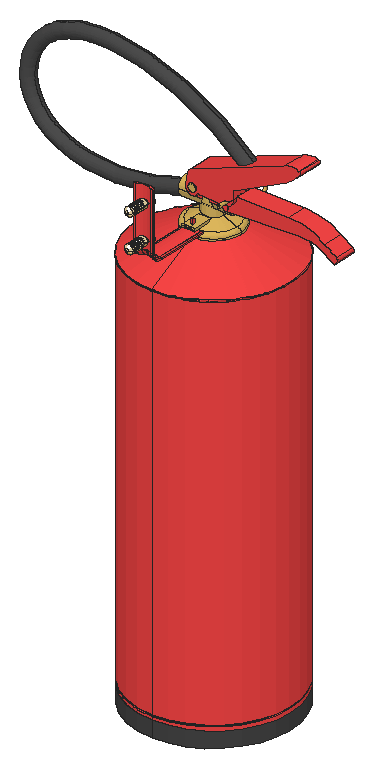
Revit family "Extintor Portátil - CO2", category Proteção contra incêndio, Revit 2026
Family settings
  Cota do conector redondo = Utilizar diâmetro
  Tipo de parte = Normal
  Com base no plano de trabalho = Não
  Ativar corte nas vistas = Sim
  Sempre na vertical = Sim
  Corte com vazios quando carregada = Não
  Manter orientação da anotação = Não
  Compartilhado = Sim
  Ponto de cálculo do ambiente = Não
Parameters (values of type "5BC - 6 kg")
  Tipo de imagem = Extintor - CO2.png
  Tipo = "CO²"
  SÍMBOLO = yes
  Sinalização de Solo [instance] = no
  Pernambuco = no
  Mato Grosso = no
  IMAGEM SIMBOLO PERNAMBUCO = 0
  IMAGEM SIMBOLO MATO GROSSO = 0
  IMAGEM SIMBOLO DISTRITO FEDERAL = 0
  IMAGEM SIMBOLO DEMAIS ESTADOS = 0
  Formato = "Portátil"
  Distrito Federal = no
  Desloc. Frente [instance] = 20.00 cm
  Desloc. Esquerda [instance] = 0.00 cm
  Descrição = "Extintor Portátil Fixo - 5-B:C - 6 kg"
  Elevação padrão = 0.00 cm
  DESCRIÇÃO DO MATERIAL = Descrição  # "Extintor Portátil Fixo - 5-B:C - 6 kg"
  Type Comments = ""
  Demais estados = yes
  Carga = "6 kg"
  Capacidade Extintora = "5-B:C"
  Altura Instalada = 160.00 cm
Types (2, lengths in cm): name | Descrição | DESCRIÇÃO DO MATERIAL | Carga
  5BC - 4 kg | "Extintor Portátil - 5-B:C - 4 kg" | "Extintor Portátil - 5-B:C - 4 kg" | "4 kg"
  5BC - 6 kg | "Extintor Portátil Fixo - 5-B:C - 6 kg" | "Extintor Portátil Fixo - 5-B:C - 6 kg" | "6 kg"
Reference planes (cm)
  plane 1 "Centro (Frente/Trás)": y = 0
  plane 2: z = 0
  plane 3 "Centro (Esquerda/Direita)": x = 0
  plane 4: z = 160
  plane 5: z = 114.8285
Forms (cm)
  Revolve 1, solid, material "LATÃO", not visible
    sketch origin (512.5, 9.4644, -108.8868) x (1, 0, 0) y (0, 0, -1)
      loop
        line (-515.352, -267.1402) -> (-515.352, -267.3086)
        arc (-515.352, -267.3086) -> (-515.2378, -267.604) -> (-514.9545, -267.7457) r 0.4391
        line (-514.9545, -267.7457) -> (-513.5976, -268.3784) -> (-513.5976, -270.9598) -> (-512.5, -270.9598) -> (-512.5, -267.1402) -> (-515.352, -267.1402)
      axis (-512.5, -270.9598) -> (-512.5, -267.1402)
    angle from 0 to 360
  Extrusion 2, solid, material "LATÃO", not visible
    sketch origin (0, -8.5356, -108.8868) x (0, 1, 0) y (0, 0, -1)
      loop
        circle (18, -269.8519) r 1
    from -2.2901 to 2.852
  Extrusion 3, solid, material "Pintura Vermelha", not visible
    sketch origin (512.5, 11.7385, -108.8868) x (1, 0, 0) y (0, 0, -1)
      loop
        line (-514.431, -270.7615) -> (-514.2399, -271.8201)
        arc (-514.2399, -271.8201) -> (-514.07, -272.1841) -> (-513.7426, -272.4168) r 0.7871
        line (-513.7426, -272.4168) -> (-504.0905, -276.0508)
        arc (-504.0905, -276.0508) -> (-503.3249, -276.2128) -> (-502.5558, -276.0688) r 2
        line (-502.5558, -276.0688) -> (-502.4623, -276.0312)
        arc (-502.4623, -276.0312) -> (-502.359, -275.9073) -> (-502.4054, -275.7529) r 0.1702
        line (-502.4054, -275.7529) -> (-502.8188, -275.3394)
        arc (-502.8188, -275.3394) -> (-503.3151, -274.918) -> (-503.8731, -274.5828) r 4
        line (-503.8731, -274.5828) -> (-509.346, -271.8744) -> (-509.346, -271.0161)
        arc (-509.346, -271.0161) -> (-509.5312, -270.5072) -> (-510.0002, -270.2364) r 0.7917
        line (-510.0002, -270.2364) -> (-510.5886, -270.1327) -> (-513.1244, -270.31)
        arc (-513.1244, -270.31) -> (-513.9703, -269.9786) -> (-514.431, -270.7615) r 0.7
      loop
        circle (-513.7416, -270.6402) r 0.3999
      loop
        circle (-510.1681, -270.511) r 0.174
    from -3.5171 to -1.0457
  Extrusion 4, solid, material "Pintura Vermelha", not visible
    sketch origin (512.5, 11.7385, -108.8868) x (1, 0, 0) y (0, 0, -1)
      loop
        line (-514.4685, -270.738) -> (-514.2111, -271.6263)
        arc (-514.2111, -271.6263) -> (-514.1084, -271.7833) -> (-513.931, -271.8441) r 0.289
        line (-513.931, -271.8441) -> (-509.9322, -271.8441)
        arc (-509.9322, -271.8441) -> (-509.5653, -271.7141) -> (-509.3622, -271.382) r 0.5825
        line (-509.3622, -271.382) -> (-509.3259, -271.2101) -> (-503.785, -271.2101)
        arc (-503.785, -271.2101) -> (-501.8304, -270.9093) -> (-500.0567, -270.0346) r 6.5
        line (-500.0567, -270.0346) -> (-498.8325, -269.1774)
        arc (-498.8325, -269.1774) -> (-498.7163, -268.9761) -> (-498.7958, -268.7576) r 0.275
        line (-498.7958, -268.7576) -> (-499.0612, -268.4922) -> (-500.8253, -269.5254)
        arc (-500.8253, -269.5254) -> (-501.7717, -269.8338) -> (-502.7644, -269.9058) r 4.1122
        line (-502.7644, -269.9058) -> (-510.4608, -269.5288) -> (-510.7626, -269.8306) -> (-513.8876, -269.8306)
        arc (-513.8876, -269.8306) -> (-514.3665, -270.1636) -> (-514.4685, -270.738) r 0.7603
      loop
        circle (-513.7416, -270.6402) r 0.3999
      loop
        circle (-510.1792, -270.5042) r 0.2205
    from -3.3101 to -1.2023
  Extrusion 5, solid, material "LATÃO", not visible, detail levels medium+fine
    sketch origin (512.5, 13.2385, -108.2618) x (1, 0, 0) y (0, 0, -1)
      loop
        circle (-512.5, -269.2509) r 1.5
    from -1.2576 to -0.9824
  Sweep 6, solid, material "MANGUEIRA EXTINTOR", not visible
    path origin (512.5, 9.4099, -108.8868) x (1, 0, 0) y (0, 0, -1)
      loop
        spline (-514.8263, -269.8635) -> (-519.9522, -268.4972) -> (-524.5272, -268.3983) -> (-528.2055, -269.3959) -> (-530.6532, -271.3101) -> (-531.7331, -273.8106) -> (-531.4716, -276.4419) -> (-529.9001, -278.7449) -> (-527.05, -280.2603) -> (-523.041, -280.6093) -> (-518.283, -279.6772) -> (-513.2454, -277.403) -> (-508.3975, -273.7263)
    profile origin (-18.9716, 9.4099, 167.5551) x (0.940178, 0, -0.340682) y (0, 1, 0)
      loop
        circle (0, 0) r 0.7064
  Extrusion 7, solid, material "LATÃO", not visible
    sketch origin (512.5, 11.7385, -1.7466) x (1, 0, 0) y (0, 0, -1)
      loop
        circle (-513.7416, -163.5) r 0.3999
    from -3.5547 to -1.0118
  Sweep 8, solid, material "LATÃO", not visible
    path origin (-10.6073, 13.9644, 176.5919) x (-0.653611, 0, 0.756831) y (0, 1, 0)
      loop
        line (-19.7675, -6.7287) -> (-19.7675, -3.2287)
        arc (-19.7675, -3.2287) -> (-19.8376, -3.0235) -> (-20.0186, -2.9042) r 0.3352
        arc (-20.0186, -2.9042) -> (-19.7105, -0.9379) -> (-19.6283, -2.9265) r 1
    profile origin (2.3129, 8.9857, 161.6312) x (0.653611, 0, -0.756831) y (-0.756831, 0, -0.653611)
      loop
        circle (0, 0) r 0.1386
  Extrusion 9, solid, material "LATÃO", not visible
    sketch origin (0, 3.4644, -0.5084) x (0, 1, 0) y (0, 0, 1)
      loop
        line (4.8999, 160) -> (2.7614, 160)
        arc (2.7614, 160) -> (2.6976, 159.9769) -> (2.6634, 159.9183) r 0.0996
        line (2.6634, 159.9183) -> (2.6634, 159.8172)
        arc (2.6634, 159.8172) -> (2.6946, 159.7514) -> (2.7624, 159.7247) r 0.0992
        line (2.7624, 159.7247) -> (4.3095, 159.7247) -> (4.8999, 160)
    from -0.6244 to 0.6912
  Extrusion 10, void, not visible
    sketch origin (0, 0.2973, -1.1737) x (1, 0, 0) y (0, 1, 0)
      loop
        circle (-0.0064, 6.4293) r 0.2336
    from 160.2 to 160.7791
  Revolve 11, solid, material "Pintura Vermelha"
    sketch origin (0, 0, 0) x (0, 1, 0) y (0, 0, 1)
      loop
        line (9.1671, 159.4271) -> (9.1671, 116.4981) -> (17.1671, 116.4981) -> (17.1671, 116.8285) -> (16.9679, 116.8285) -> (16.9679, 117.0285) -> (17.1671, 117.0285) -> (17.1671, 156.6535)
        arc (17.1671, 156.6535) -> (17.2243, 156.6689) -> (17.2659, 156.711) r 0.1136
        arc (17.2659, 156.711) -> (17.2691, 156.7524) -> (17.2392, 156.7812) r 0.0487
        line (17.2392, 156.7812) -> (12.0191, 159.4271) -> (9.1671, 159.4271)
      axis (9.1671, 159.4271) -> (9.1671, 116.4981)
    angle from 0 to 360
  Revolve 12, solid, material "Cor Preta"
    sketch origin (0, 0, 0) x (0, 1, 0) y (0, 0, 1)
      loop
        line (9.1671, 116.4981) -> (9.1671, 114.8285) -> (17.1671, 114.8285) -> (17.1671, 116.4981) -> (9.1671, 116.4981)
      axis (9.1671, 116.4981) -> (9.1671, 114.8285)
    angle from 0 to 360
  Revolve 13, solid, material "LATÃO"
    sketch origin (512.5, 9.1671, -107.7131) x (1, 0, 0) y (0, 0, -1)
      loop
        line (-515.352, -267.1402) -> (-515.352, -267.3086)
        arc (-515.352, -267.3086) -> (-515.2378, -267.604) -> (-514.9545, -267.7457) r 0.4391
        line (-514.9545, -267.7457) -> (-513.5976, -268.3784) -> (-513.5976, -270.9598) -> (-512.5, -270.9598) -> (-512.5, -267.1402) -> (-515.352, -267.1402)
      axis (-512.5, -270.9598) -> (-512.5, -267.1402)
    angle from 0 to 360
  Extrusion 14, solid, material "LATÃO"
    sketch origin (0, -8.8329, -107.7131) x (0, 1, 0) y (0, 0, -1)
      loop
        circle (18, -269.8519) r 1
    from -2.2901 to 2.852
  Extrusion 15, solid, material "Pintura Vermelha"
    sketch origin (512.5, 11.4412, -107.7131) x (1, 0, 0) y (0, 0, -1)
      loop
        line (-514.431, -270.7615) -> (-514.2399, -271.8201)
        arc (-514.2399, -271.8201) -> (-514.07, -272.1841) -> (-513.7426, -272.4168) r 0.7871
        line (-513.7426, -272.4168) -> (-504.0905, -276.0508)
        arc (-504.0905, -276.0508) -> (-503.3249, -276.2128) -> (-502.5558, -276.0688) r 2
        line (-502.5558, -276.0688) -> (-502.4623, -276.0312)
        arc (-502.4623, -276.0312) -> (-502.359, -275.9073) -> (-502.4054, -275.7529) r 0.1702
        line (-502.4054, -275.7529) -> (-502.8188, -275.3394)
        arc (-502.8188, -275.3394) -> (-503.3151, -274.918) -> (-503.8731, -274.5828) r 4
        line (-503.8731, -274.5828) -> (-509.346, -271.8744) -> (-509.346, -271.0161)
        arc (-509.346, -271.0161) -> (-509.5312, -270.5072) -> (-510.0002, -270.2364) r 0.7917
        line (-510.0002, -270.2364) -> (-510.5886, -270.1327) -> (-513.1244, -270.31)
        arc (-513.1244, -270.31) -> (-513.9703, -269.9786) -> (-514.431, -270.7615) r 0.7
      loop
        circle (-513.7416, -270.6402) r 0.3999
      loop
        circle (-510.1681, -270.511) r 0.174
    from -3.5171 to -1.0457
  Extrusion 16, solid, material "Pintura Vermelha"
    sketch origin (512.5, 11.4412, -107.7131) x (1, 0, 0) y (0, 0, -1)
      loop
        line (-514.4685, -270.738) -> (-514.2111, -271.6263)
        arc (-514.2111, -271.6263) -> (-514.1084, -271.7833) -> (-513.931, -271.8441) r 0.289
        line (-513.931, -271.8441) -> (-509.9322, -271.8441)
        arc (-509.9322, -271.8441) -> (-509.5653, -271.7141) -> (-509.3622, -271.382) r 0.5825
        line (-509.3622, -271.382) -> (-509.3259, -271.2101) -> (-503.785, -271.2101)
        arc (-503.785, -271.2101) -> (-501.8304, -270.9093) -> (-500.0567, -270.0346) r 6.5
        line (-500.0567, -270.0346) -> (-498.8325, -269.1774)
        arc (-498.8325, -269.1774) -> (-498.7163, -268.9761) -> (-498.7958, -268.7576) r 0.275
        line (-498.7958, -268.7576) -> (-499.0612, -268.4922) -> (-500.8253, -269.5254)
        arc (-500.8253, -269.5254) -> (-501.7717, -269.8338) -> (-502.7644, -269.9058) r 4.1122
        line (-502.7644, -269.9058) -> (-510.4608, -269.5288) -> (-510.7626, -269.8306) -> (-513.8876, -269.8306)
        arc (-513.8876, -269.8306) -> (-514.3665, -270.1636) -> (-514.4685, -270.738) r 0.7603
      loop
        circle (-513.7416, -270.6402) r 0.3999
      loop
        circle (-510.1792, -270.5042) r 0.2205
    from -3.3101 to -1.2023
  Extrusion 17, solid, material "LATÃO"
    sketch origin (512.5, 12.9412, -107.0881) x (1, 0, 0) y (0, 0, -1)
      loop
        circle (-512.5, -269.2509) r 1.5
    from -1.2576 to -0.9824
  Sweep 18, solid, material "MANGUEIRA EXTINTOR"
    path origin (512.5, 9.1126, -107.7131) x (1, 0, 0) y (0, 0, -1)
      loop
        spline (-514.8263, -269.8635) -> (-519.9522, -268.4972) -> (-524.5272, -268.3983) -> (-528.2055, -269.3959) -> (-530.6532, -271.3101) -> (-531.7331, -273.8106) -> (-531.4716, -276.4419) -> (-529.9001, -278.7449) -> (-527.05, -280.2603) -> (-523.041, -280.6093) -> (-518.283, -279.6772) -> (-513.2454, -277.403) -> (-508.3975, -273.7263)
    profile origin (-18.9716, 9.1126, 168.7288) x (0.940178, 0, -0.340682) y (0, 1, 0)
      loop
        circle (0, 0) r 0.7064
  Extrusion 19, solid, material "LATÃO"
    sketch origin (512.5, 11.4412, -0.5729) x (1, 0, 0) y (0, 0, -1)
      loop
        circle (-513.7416, -163.5) r 0.3999
    from -3.5547 to -1.0118
  Sweep 20, solid, material "LATÃO"
    path origin (-10.6073, 13.6671, 177.7656) x (-0.653611, 0, 0.756831) y (0, 1, 0)
      loop
        line (-19.7675, -6.7287) -> (-19.7675, -3.2287)
        arc (-19.7675, -3.2287) -> (-19.8376, -3.0235) -> (-20.0186, -2.9042) r 0.3352
        arc (-20.0186, -2.9042) -> (-19.7105, -0.9379) -> (-19.6283, -2.9265) r 1
    profile origin (2.3129, 8.6884, 162.8049) x (0.653611, 0, -0.756831) y (-0.756831, 0, -0.653611)
      loop
        circle (0, 0) r 0.1386
  Extrusion 21, solid, material "LATÃO"
    sketch origin (0, 3.1671, 0.6653) x (0, 1, 0) y (0, 0, 1)
      loop
        line (4.8999, 160) -> (2.7614, 160)
        arc (2.7614, 160) -> (2.6976, 159.9769) -> (2.6634, 159.9183) r 0.0996
        line (2.6634, 159.9183) -> (2.6634, 159.8172)
        arc (2.6634, 159.8172) -> (2.6946, 159.7514) -> (2.7624, 159.7247) r 0.0992
        line (2.7624, 159.7247) -> (4.3095, 159.7247) -> (4.8999, 160)
    from -0.6244 to 0.6912
  Extrusion 22, solid, material "Sinalização de Solo - Vermelho", visible <- "Sinalização de Solo", detail levels fine
    sketch origin (0, 0, 0) x (1, 0, 0) y (0, 1, 0)
      loop
        line (-35, 15) -> (35, 15) -> (35, 85) -> (-35, 85) -> (-35, 15)
    from 0 to 0.1
  Extrusion 23, solid, material "Sinalização de Solo - Amarela", visible <- "Sinalização de Solo", detail levels fine
    sketch origin (0, 0, 0) x (1, 0, 0) y (0, 1, 0)
      loop
        line (-50, 0) -> (50, 0) -> (50, 100) -> (-50, 100) -> (-50, 0)
      loop
        line (-35, 15) -> (35, 15) -> (35, 85) -> (-35, 85) -> (-35, 15)
    from 0 to 0.1
Dimensions and locks (cm)
  "Altura Instalada": plane 4 to level
  locked: plane 5 to plane 4 at 45.1715
  "Desloc. Frente": plane 1 "Centro (Frente/Trás)" to nested 4
  "Desloc. Frente": plane 1 "Centro (Frente/Trás)" to nested 5
  "Desloc. Frente": plane 1 "Centro (Frente/Trás)" to nested 6
  "Desloc. Esquerda": nested 4 to plane 3 "Centro (Esquerda/Direita)"
  "Desloc. Esquerda": nested 5 to plane 3 "Centro (Esquerda/Direita)"
  "Desloc. Esquerda": nested 6 to plane 3 "Centro (Esquerda/Direita)"
  "Desloc. Frente": plane 1 "Centro (Frente/Trás)" to nested 7
  "Desloc. Esquerda": nested 7 to plane 3 "Centro (Esquerda/Direita)"
  aligned and locked: level to plane 2
Automatic sketch dimensions
  Revolve 11 sketch curve to plane 4 = 0.5729 cm
  Revolve 11 sketch curve to plane 1 "Centro (Frente/Trás)" = 9.1671 cm
  Revolve 11 sketch curve to Revolve 11 sketch curve = 2.852 cm
  plane 5 to Revolve 11 sketch curve = 2.20 cm
  Revolve 11 sketch curve to Revolve 11 sketch curve = 7.8008 cm
  Revolve 11 sketch curve to Revolve 11 sketch curve = 0.1992 cm  (x2)
  Revolve 11 sketch curve to Revolve 11 sketch curve = 0.0564 cm
  Revolve 11 sketch curve to plane 4 = 3.2188 cm
  Revolve 11 sketch curve to Revolve 11 sketch curve = 0.0157 cm
  Revolve 11 sketch curve to Revolve 11 sketch curve = 0.20 cm
  plane 5 to Revolve 11 sketch curve = 1.6697 cm
  Revolve 11 sketch curve to Revolve 11 sketch curve = 0.1277 cm
  Revolve 11 sketch curve to Revolve 11 sketch curve = 0.0461 cm
  Revolve 11 sketch curve to Revolve 11 sketch curve = 0.032 cm
  Revolve 11 sketch curve to Revolve 11 sketch curve = 0.00 cm  (x2)
  Revolve 11 sketch curve to Revolve 11 sketch curve = 0.3303 cm
  Revolve 12 sketch curve to plane 5 = 0.00 cm  (x2)
  plane 5 to Revolve 12 sketch curve = 1.6697 cm
  Revolve 12 sketch curve to plane 1 "Centro (Frente/Trás)" = 9.1671 cm
  Revolve 12 sketch curve to Revolve 12 sketch curve = 8.00 cm
  Revolve 12 sketch curve to Revolve 12 sketch curve = 0.00 cm
  Revolve 12 sketch curve to Revolve 12 sketch curve = 0.3303 cm
  Revolve 13 sketch curve to plane 3 "Centro (Esquerda/Direita)" = 0.00 cm  (x2)
  Revolve 13 sketch curve to Revolve 13 sketch curve = 1.0976 cm
  Revolve 13 sketch curve to plane 4 = 0.4045 cm
  Revolve 13 sketch curve to Revolve 13 sketch curve = 1.3153 cm
  plane 4 to Revolve 13 sketch curve = 0.0326 cm
  Revolve 13 sketch curve to Revolve 13 sketch curve = 0.0416 cm
  plane 4 to Revolve 13 sketch curve = 0.6653 cm
  Revolve 13 sketch curve to Revolve 13 sketch curve = 2.5813 cm
  Revolve 13 sketch curve to plane 4 = 0.5729 cm
  Revolve 13 sketch curve to Revolve 13 sketch curve = 0.2882 cm
  Revolve 13 sketch curve to Revolve 13 sketch curve = 0.9686 cm
  plane 4 to Extrusion 14 sketch curve = 2.1388 cm
  Extrusion 14 sketch curve to plane 1 "Centro (Frente/Trás)" = 9.1671 cm
  Extrusion 15 sketch curve to Extrusion 15 sketch curve = 0.00 cm  (x2)
  Extrusion 15 sketch curve to plane 3 "Centro (Esquerda/Direita)" = 1.931 cm
  Extrusion 15 sketch curve to Extrusion 15 sketch curve = 0.1912 cm
  Extrusion 15 sketch curve to Extrusion 15 sketch curve = 0.4972 cm
  Extrusion 15 sketch curve to Extrusion 15 sketch curve = 0.6894 cm
  Extrusion 15 sketch curve to Extrusion 15 sketch curve = 0.7746 cm
  Extrusion 15 sketch curve to plane 3 "Centro (Esquerda/Direita)" = 0.6244 cm
  plane 3 "Centro (Esquerda/Direita)" to Extrusion 15 sketch curve = 1.9114 cm
  Extrusion 15 sketch curve to Extrusion 15 sketch curve = 0.4204 cm
  Extrusion 15 sketch curve to Extrusion 15 sketch curve = 0.0305 cm
  Extrusion 15 sketch curve to Extrusion 15 sketch curve = 0.1679 cm
  Extrusion 15 sketch curve to Extrusion 15 sketch curve = 0.7917 cm
  plane 3 "Centro (Esquerda/Direita)" to Extrusion 15 sketch curve = 6.8527 cm
  Extrusion 15 sketch curve to Extrusion 15 sketch curve = 1.5568 cm
  Extrusion 15 sketch curve to Extrusion 15 sketch curve = 0.2174 cm
  Extrusion 15 sketch curve to Extrusion 15 sketch curve = 0.5716 cm
  Extrusion 15 sketch curve to Extrusion 15 sketch curve = 0.4827 cm
  Extrusion 15 sketch curve to Extrusion 15 sketch curve = 0.2631 cm
  Extrusion 15 sketch curve to Extrusion 15 sketch curve = 0.0301 cm
  Extrusion 15 sketch curve to Extrusion 15 sketch curve = 0.0935 cm
  Extrusion 15 sketch curve to Extrusion 15 sketch curve = 0.1204 cm
  plane 4 to Extrusion 15 sketch curve = 10.4547 cm
  Extrusion 15 sketch curve to Extrusion 15 sketch curve = 2.0991 cm
  Extrusion 15 sketch curve to Extrusion 15 sketch curve = 0.018 cm
  Extrusion 15 sketch curve to Extrusion 15 sketch curve = 0.0376 cm
  Extrusion 15 sketch curve to Extrusion 15 sketch curve = 0.1579 cm
  Extrusion 15 sketch curve to Extrusion 15 sketch curve = 0.4135 cm
  plane 4 to Extrusion 15 sketch curve = 4.7037 cm
  plane 4 to Extrusion 15 sketch curve = 4.1613 cm
  Extrusion 15 sketch curve to Extrusion 15 sketch curve = 0.5967 cm
  Extrusion 15 sketch curve to Extrusion 15 sketch curve = 0.8584 cm
  Extrusion 15 sketch curve to Extrusion 15 sketch curve = 1.0586 cm
  Extrusion 15 sketch curve to Extrusion 15 sketch curve = 0.1213 cm
  Extrusion 15 sketch curve to Extrusion 15 sketch curve = 0.2746 cm
  Extrusion 15 sketch curve to Extrusion 15 sketch curve = 0.3783 cm
  Extrusion 16 sketch curve to plane 3 "Centro (Esquerda/Direita)" = 1.9685 cm
  Extrusion 16 sketch curve to Extrusion 16 sketch curve = 0.2574 cm
  Extrusion 16 sketch curve to Extrusion 16 sketch curve = 0.2801 cm
  Extrusion 16 sketch curve to Extrusion 16 sketch curve = 0.5809 cm
  Extrusion 16 sketch curve to Extrusion 16 sketch curve = 0.7269 cm
  Extrusion 16 sketch curve to Extrusion 16 sketch curve = 0.0154 cm
  plane 3 "Centro (Esquerda/Direita)" to Extrusion 16 sketch curve = 1.7374 cm
  Extrusion 16 sketch curve to Extrusion 16 sketch curve = 0.3018 cm  (x2)
  Extrusion 16 sketch curve to Extrusion 16 sketch curve = 0.5834 cm
  Extrusion 16 sketch curve to Extrusion 16 sketch curve = 0.2471 cm
  Extrusion 16 sketch curve to Extrusion 16 sketch curve = 0.57 cm
  Extrusion 16 sketch curve to Extrusion 16 sketch curve = 0.0363 cm
  Extrusion 16 sketch curve to plane 4 = 3.003 cm
  Extrusion 16 sketch curve to Extrusion 16 sketch curve = 6.6758 cm
  plane 4 to Extrusion 16 sketch curve = 2.1927 cm
  Extrusion 16 sketch curve to Extrusion 16 sketch curve = 1.0206 cm
  Extrusion 16 sketch curve to Extrusion 16 sketch curve = 1.2217 cm
  plane 4 to Extrusion 16 sketch curve = 1.8123 cm
  Extrusion 16 sketch curve to Extrusion 16 sketch curve = 1.9391 cm
  plane 4 to Extrusion 16 sketch curve = 2.3215 cm
  Extrusion 16 sketch curve to Extrusion 16 sketch curve = 0.7686 cm
  plane 4 to Extrusion 16 sketch curve = 0.7791 cm
  Extrusion 16 sketch curve to Extrusion 16 sketch curve = 0.9955 cm
  Extrusion 16 sketch curve to Extrusion 16 sketch curve = 0.0709 cm
  plane 4 to Extrusion 16 sketch curve = 1.4643 cm
  Extrusion 16 sketch curve to Extrusion 16 sketch curve = 0.1578 cm
  plane 4 to Extrusion 16 sketch curve = 1.0445 cm
  Extrusion 16 sketch curve to Extrusion 16 sketch curve = 0.1945 cm
  Extrusion 16 sketch curve to Extrusion 16 sketch curve = 0.0515 cm
  Extrusion 16 sketch curve to Extrusion 16 sketch curve = 0.1719 cm
  Extrusion 16 sketch curve to Extrusion 16 sketch curve = 0.289 cm
  Extrusion 16 sketch curve to Extrusion 16 sketch curve = 0.8883 cm
  Extrusion 16 sketch curve to Extrusion 16 sketch curve = 0.0978 cm
  Extrusion 16 sketch curve to Extrusion 16 sketch curve = 0.0666 cm
  Extrusion 16 sketch curve to Extrusion 16 sketch curve = 0.7574 cm
  Extrusion 17 sketch curve to plane 3 "Centro (Esquerda/Direita)" = 0.00 cm
  plane 4 to Extrusion 17 sketch curve = 2.1628 cm
  Sweep 18 sketch curve to plane 3 "Centro (Esquerda/Direita)" = 2.3263 cm
  plane 4 to Sweep 18 sketch curve = 6.0132 cm
  plane 3 "Centro (Esquerda/Direita)" to Sweep 18 sketch curve = 4.1025 cm
  plane 4 to Sweep 18 sketch curve = 2.1504 cm
  Sweep 18 sketch curve to profile plane = 0.00 cm  (x2)
  Extrusion 19 sketch curve to plane 3 "Centro (Esquerda/Direita)" = 1.2416 cm
  plane 4 to Extrusion 19 sketch curve = 2.9271 cm
  Sweep 20 sketch curve to plane 1 "Centro (Frente/Trás)" = 10.4384 cm
  Sweep 20 sketch curve to Sweep 20 sketch curve = 0.3352 cm  (x2)
  Sweep 20 sketch curve to Sweep 20 sketch curve = 1.2925 cm
  Sweep 20 sketch curve to Sweep 20 sketch curve = 0.00 cm
  Sweep 20 sketch curve to Sweep 20 sketch curve = 0.1392 cm
  Sweep 20 sketch curve to Sweep 20 sketch curve = 3.50 cm
  profile plane to Sweep 20 sketch curve = 0.00 cm  (x2)
  plane 4 to Extrusion 21 sketch curve = 0.5836 cm
  Extrusion 21 sketch curve to plane 1 "Centro (Frente/Trás)" = 5.8305 cm
  Extrusion 21 sketch curve to Extrusion 21 sketch curve = 0.098 cm
  Extrusion 21 sketch curve to Extrusion 21 sketch curve = 0.099 cm
  plane 4 to Extrusion 21 sketch curve = 0.39 cm
  Extrusion 21 sketch curve to Extrusion 21 sketch curve = 1.5471 cm
  plane 4 to Extrusion 21 sketch curve = 0.6653 cm
  Extrusion 21 sketch curve to Extrusion 21 sketch curve = 0.5904 cm
  Extrusion 21 sketch curve to Extrusion 21 sketch curve = 0.101 cm
  Extrusion 22 sketch curve to plane 3 "Centro (Esquerda/Direita)" = 35.00 cm
  plane 3 "Centro (Esquerda/Direita)" to Extrusion 22 sketch curve = 35.00 cm
  Extrusion 22 sketch curve to plane 1 "Centro (Frente/Trás)" = 15.00 cm
  Extrusion 22 sketch curve to Extrusion 22 sketch curve = 70.00 cm
  plane 1 "Centro (Frente/Trás)" to Extrusion 23 sketch curve = 0.00 cm
  Extrusion 23 sketch curve to plane 3 "Centro (Esquerda/Direita)" = 50.00 cm
  Extrusion 23 sketch curve to Extrusion 23 sketch curve = 15.00 cm  (x3)
  Extrusion 23 sketch curve to plane 1 "Centro (Frente/Trás)" = 15.00 cm
  plane 3 "Centro (Esquerda/Direita)" to Extrusion 23 sketch curve = 35.00 cm
  Extrusion 23 sketch curve to Extrusion 23 sketch curve = 70.00 cm
  radius of Extrusion 14 sketch curve = 1.00 cm
  radius of Extrusion 15 sketch curve = 0.3999 cm
  radius of Extrusion 15 sketch curve = 0.174 cm
  radius of Extrusion 16 sketch curve = 0.3999 cm
  radius of Extrusion 16 sketch curve = 0.2205 cm
  radius of Extrusion 17 sketch curve = 1.50 cm
  radius of Sweep 18 sketch curve = 0.7064 cm
  radius of Extrusion 19 sketch curve = 0.3999 cm
  radius of Sweep 20 sketch curve = 0.1386 cm
Nested families (cm)
  nested 1: "Suporte Universal de Extintor" at (0, 0, 160) x (0, -1, 0) z (0, 0, 1), type "Suporte Universal de Extintor"
  nested 2: "Parafuso Nº 08 com Bucha 08" at (-0.0069, 0.3919, 161.8745) x (1, 0.004, 0) z (-0.004, 1, 0), type "Parafuso Nº 08 - Bucha Nº 08"
  nested 3: "Parafuso Nº 08 com Bucha 08" at (-0.0002, 0.3922, 165.3708) x (1, 0.0002, 0) z (-0.0002, 1, 0), type "Parafuso Nº 08 - Bucha Nº 08"
  nested 4: "CARGA DE PÓ CO2" at (0, 20, 0) x (-1, 0, 0) z (0, 0, 1), visible <- "Demais estados", type "CARGA DE PÓ CO2 1-100", detail levels coarse+medium
    with Esc. Símbolo - 1/100~200 no, Desloc. Frente 0.00 cm, Desloc. Esquerda 0.00 cm
  nested 5: "EXTINTOR - CARGA DE PÓ CO2 1-100 - DF" at (0, 20, 0), visible <- "Distrito Federal", type "EXTINTOR - CARGA DE PÓ CO2 1-100 - DF", detail levels coarse+medium
    with Esc. Símbolo - 1/100~200 yes, Desloc. Frente 0.00 cm, Desloc. Esquerda 1.4171 cm
  nested 6: "EXTINTOR - CARGA DE PÓ CO2 1-100 - PE" at (0, 20, 0), visible <- "Pernambuco", type "EXTINTOR - CARGA DE PÓ CO2 1-100 - PE", detail levels coarse+medium
    with Esc. Símbolo - 1/100~200 yes, Desloc. Frente 0.00 cm, Desloc. Esquerda 1.4171 cm
  nested 7: "CARGA DE PÓ CO2" at (0, 20, 0) x (-1, 0, 0) z (0, 0, 1), visible <- "Mato Grosso", type "CARGA DE PÓ CO2 1-100", detail levels coarse+medium
    with Esc. Símbolo - 1/100~200 no, Desloc. Frente 0.00 cm, Desloc. Esquerda 0.00 cm
Definition of nested family "Suporte Universal de Extintor"
  Parameters (values of type "Suporte Universal de Extintor")
    Default Elevation = 121.92 cm
    Description = "Suporte Universal"
  Reference planes (cm)
    plane 1 "Centro (Frente/Trás)": y = 0
    plane 2: z = 0
    plane 3 "Centro (Esquerda/Direita)": x = 0
  Forms (cm)
    Sweep 1, solid, detail levels fine
      path origin (0, -0.0046, 0) x (-1, 0, 0) y (0, 0, -1)
        loop
          line (6.5, 0) -> (0.9978, 0)
          arc (0.9978, 0) -> (0.2923, -0.2923) -> (0, -0.9978) r 0.9978
          line (0, -0.9978) -> (0, -7)
      profile origin (-3.7489, -0.0046, 0) x (0, 0, 1) y (0, -1, 0)
        loop
          line (0, 0.9938) -> (0, 0.798)
          arc (0, 0.798) -> (0.2, -0.0031) -> (0, -0.8041) r 1.7043
          line (0, -0.8041) -> (0, -1) -> (0.0993, -1)
          arc (0.0993, -1) -> (0.1705, -0.9705) -> (0.2, -0.8993) r 0.1007
          line (0.2, -0.8993) -> (0.2, -0.7983)
          arc (0.2, -0.7983) -> (0.3905, -0.0047) -> (0.2, 0.789) r 1.7487
          line (0.2, 0.789) -> (0.2, 0.8899)
          arc (0.2, 0.8899) -> (0.1696, 0.9634) -> (0.0961, 0.9938) r 0.1039
          line (0.0961, 0.9938) -> (0, 0.9938)
    Extrusion 2, void
      sketch origin (0, -0.0015, 0.0031) x (0, 1, 0) y (0, 0, -1)
        loop
          circle (0, -5.3731) r 0.3
        loop
          circle (0, -1.8731) r 0.3
      from 0.0451 to 0.4141
    Extrusion 3, void
      sketch origin (0, -0.0015, 0.0031) x (-1, 0, 0) y (0, -1, 0)
        loop
          circle (1.8404, 0) r 0.3
        loop
          circle (4.8404, 0) r 0.3
      from 0.0525 to 0.4326
    Sweep 4, solid, detail levels fine
      path origin (0, -0.0015, 0.0031) x (-1, 0, 0) y (0, -1, 0)
        loop
          line (0, -0.2529) -> (0, 0.2471)
      profile origin (0, 0.0015, 0.0031) x (1, 0, 0) y (0, 0, 1)
        loop
          arc (-0.9978, 0.109) -> (-0.4067, 0.3993) -> (-0.1252, 0.9947) r 0.9978
          line (-0.1252, 0.9947) -> (-0.4658, 0.9947)
          arc (-0.4658, 0.9947) -> (-0.842, 0.8389) -> (-0.9978, 0.4627) r 0.532
          line (-0.9978, 0.4627) -> (-0.9978, 0.109)
    Sweep 5, solid, detail levels fine
      path in 3D
        loop
          arc (-6.5, -0.0989, 0.3877) -> (-6.5, -0.0003, 0.3905) -> (-6.5, 0.0984, 0.3877) r 1.7487
      profile origin (-6.5, -0.0003, 0.3905) x (-1, 0, 0) y (0, -0.000219, 1)
        loop
          line (0, 0) -> (0, 0.6637)
          arc (0, 0.6637) -> (-0.0242, 0.7221) -> (-0.0827, 0.7463) r 0.0827
          line (-0.0827, 0.7463) -> (-0.1624, 0.7463) -> (-0.1624, 0) -> (0, 0)
  Cuts and joins
    Extrusion 2 cuts Sweep 1
  Lines and regions (cm)
    sketch lines
      curve 1: arc (-6.5, -0.0989, 0.3877) -> (-6.5, -0.0003, 0.3905) -> (-6.5, 0.0984, 0.3877) r 1.7487
  Dimensions and locks (cm)
    aligned and locked: level to plane 2
  Nested families (cm)
    nested 1: "Parafuso Nº 08 com Bucha 08" at (-0.3919, -0.0069, 1.8745) x (-0.004, 1, 0) z (-1, -0.004, 0), type "Parafuso Nº 08 - Bucha Nº 08", detail levels fine
    nested 2: "Parafuso Nº 08 com Bucha 08" at (-0.3922, -0.0002, 5.3708) x (-0.0002, 1, 0) z (-1, -0.0002, 0), type "Parafuso Nº 08 - Bucha Nº 08", detail levels fine
  Definition of nested family "Parafuso Nº 08 com Bucha 08"
    Parameters (values of type "Parafuso Nº 08 - Bucha Nº 08")
      Rede Social: = "@GAlves"
      Família Criada por: = "Geraldo G. Alves"
      Email p/ contato: = "geraldoalvesbim@gmail.com"
      Default Elevation = 0.00 cm
    Reference planes (cm)
      plane 1 "Centro (Frente/Trás)": y = 0
      plane 2: z = 0
      plane 3 "Centro (Esquerda/Direita)": x = 0
    Forms (cm)
      Revolve 1, solid, detail levels fine
        sketch origin (0, 0, 0) x (1, 0, 0) y (0, 0, 1)
          loop
            line (0, 0.3324) -> (0, -2.1985) -> (0.2983, -1.9001) -> (0.2983, -0.0012) -> (0.6054, -0.0012) -> (0.6054, 0.3324) -> (0, 0.3324)
          axis (0, 0.3324) -> (0, -2.1985)
        angle from 0 to 360
      Extrusion 2, void
        sketch origin (0, 0, 0) x (1, 0, 0) y (0, 1, 0)
          loop
            line (-0.6795, -0.0613) -> (0.7114, -0.0613)
            arc (0.7114, -0.0613) -> (0.7205, -0.0003) -> (0.72, 0.0613) r 0.4
            line (0.72, 0.0613) -> (-0.6819, 0.0613)
            arc (-0.6819, 0.0613) -> (-0.6854, -0.0001) -> (-0.6795, -0.0613) r 0.4
        from 0.0805 to 0.4173
      Revolve 3, solid, not visible
        sketch origin (0, 0, 0) x (1, 0, 0) y (0, 0, 1)
          loop
            line (0, 0.3324) -> (0, -1.2474) -> (0.202, -1.2474) -> (0.202, -0.0012) -> (0.4, -0.0012) -> (0.4, 0.3324) -> (0, 0.3324)
          axis (0, 0.3324) -> (0, -1.2474)
        angle from 0 to 360
      Extrusion 4, void, not visible
        sketch origin (0, 0, 0) x (1, 0, 0) y (0, 1, 0)
          loop
            line (-0.3953, -0.0613) -> (0.3953, -0.0613)
            arc (0.3953, -0.0613) -> (0.4, 0) -> (0.3953, 0.0613) r 0.4
            line (0.3953, 0.0613) -> (-0.3953, 0.0613)
            arc (-0.3953, 0.0613) -> (-0.4, 0) -> (-0.3953, -0.0613) r 0.4
        from 0.0805 to 0.4173
      Revolve 5, solid, detail levels fine
        sketch origin (0, 0, 0) x (1, 0, 0) y (0, 0, 1)
          loop
            line (0.2983, -0.4335) -> (0.2983, -2.2322) -> (0, -2.5012) -> (0.1701, -2.5012) -> (0.4477, -2.2509) -> (0.4477, -2.154) -> (0.3622, -2.154) -> (0.3622, -2.0652)
            arc (0.3622, -2.0652) -> (0.395, -1.9998) -> (0.4477, -1.949) r 0.2161
            line (0.4477, -1.949) -> (0.4477, -1.8673) -> (0.3622, -1.8673) -> (0.3622, -1.7785)
            arc (0.3622, -1.7785) -> (0.395, -1.7131) -> (0.4477, -1.6623) r 0.2161
            line (0.4477, -1.6623) -> (0.4477, -1.5807) -> (0.3622, -1.5807) -> (0.3622, -1.4918)
            arc (0.3622, -1.4918) -> (0.395, -1.4264) -> (0.4477, -1.3757) r 0.2161
            line (0.4477, -1.3757) -> (0.4477, -1.294) -> (0.3622, -1.294) -> (0.3622, -1.2051)
            arc (0.3622, -1.2051) -> (0.395, -1.1397) -> (0.4477, -1.089) r 0.2161
            line (0.4477, -1.089) -> (0.4477, -1.0073) -> (0.3622, -1.0073) -> (0.3622, -0.9184)
            arc (0.3622, -0.9184) -> (0.395, -0.853) -> (0.4477, -0.8023) r 0.2161
            line (0.4477, -0.8023) -> (0.4477, -0.4335) -> (0.2983, -0.4335)
          axis (0, -0.4335) -> (0, -2.5012)
        angle from 0 to 360
    Cuts and joins
      Extrusion 2 cuts Revolve 1
    Dimensions and locks (cm)
      Revolve 1 sketch curve to Revolve 1 sketch curve = 0.6054 cm
      aligned and locked: level to plane 2
Definition of nested family "Parafuso Nº 08 com Bucha 08"
  Parameters (values of type "Parafuso Nº 08 - Bucha Nº 08")
    Rede Social: = "@GAlves"
    Família Criada por: = "Geraldo G. Alves"
    Email p/ contato: = "geraldoalvesbim@gmail.com"
    Default Elevation = 0.00 cm
  Reference planes (cm)
    plane 1 "Centro (Frente/Trás)": y = 0
    plane 2: z = 0
    plane 3 "Centro (Esquerda/Direita)": x = 0
  Forms (cm)
    Revolve 1, solid, detail levels fine
      sketch origin (0, 0, 0) x (1, 0, 0) y (0, 0, 1)
        loop
          line (0, 0.3324) -> (0, -2.1985) -> (0.2983, -1.9001) -> (0.2983, -0.0012) -> (0.6054, -0.0012) -> (0.6054, 0.3324) -> (0, 0.3324)
        axis (0, 0.3324) -> (0, -2.1985)
      angle from 0 to 360
    Extrusion 2, void
      sketch origin (0, 0, 0) x (1, 0, 0) y (0, 1, 0)
        loop
          line (-0.6795, -0.0613) -> (0.7114, -0.0613)
          arc (0.7114, -0.0613) -> (0.7205, -0.0003) -> (0.72, 0.0613) r 0.4
          line (0.72, 0.0613) -> (-0.6819, 0.0613)
          arc (-0.6819, 0.0613) -> (-0.6854, -0.0001) -> (-0.6795, -0.0613) r 0.4
      from 0.0805 to 0.4173
    Revolve 3, solid, not visible
      sketch origin (0, 0, 0) x (1, 0, 0) y (0, 0, 1)
        loop
          line (0, 0.3324) -> (0, -1.2474) -> (0.202, -1.2474) -> (0.202, -0.0012) -> (0.4, -0.0012) -> (0.4, 0.3324) -> (0, 0.3324)
        axis (0, 0.3324) -> (0, -1.2474)
      angle from 0 to 360
    Extrusion 4, void, not visible
      sketch origin (0, 0, 0) x (1, 0, 0) y (0, 1, 0)
        loop
          line (-0.3953, -0.0613) -> (0.3953, -0.0613)
          arc (0.3953, -0.0613) -> (0.4, 0) -> (0.3953, 0.0613) r 0.4
          line (0.3953, 0.0613) -> (-0.3953, 0.0613)
          arc (-0.3953, 0.0613) -> (-0.4, 0) -> (-0.3953, -0.0613) r 0.4
      from 0.0805 to 0.4173
    Revolve 5, solid, detail levels fine
      sketch origin (0, 0, 0) x (1, 0, 0) y (0, 0, 1)
        loop
          line (0.2983, -0.4335) -> (0.2983, -2.2322) -> (0, -2.5012) -> (0.1701, -2.5012) -> (0.4477, -2.2509) -> (0.4477, -2.154) -> (0.3622, -2.154) -> (0.3622, -2.0652)
          arc (0.3622, -2.0652) -> (0.395, -1.9998) -> (0.4477, -1.949) r 0.2161
          line (0.4477, -1.949) -> (0.4477, -1.8673) -> (0.3622, -1.8673) -> (0.3622, -1.7785)
          arc (0.3622, -1.7785) -> (0.395, -1.7131) -> (0.4477, -1.6623) r 0.2161
          line (0.4477, -1.6623) -> (0.4477, -1.5807) -> (0.3622, -1.5807) -> (0.3622, -1.4918)
          arc (0.3622, -1.4918) -> (0.395, -1.4264) -> (0.4477, -1.3757) r 0.2161
          line (0.4477, -1.3757) -> (0.4477, -1.294) -> (0.3622, -1.294) -> (0.3622, -1.2051)
          arc (0.3622, -1.2051) -> (0.395, -1.1397) -> (0.4477, -1.089) r 0.2161
          line (0.4477, -1.089) -> (0.4477, -1.0073) -> (0.3622, -1.0073) -> (0.3622, -0.9184)
          arc (0.3622, -0.9184) -> (0.395, -0.853) -> (0.4477, -0.8023) r 0.2161
          line (0.4477, -0.8023) -> (0.4477, -0.4335) -> (0.2983, -0.4335)
        axis (0, -0.4335) -> (0, -2.5012)
      angle from 0 to 360
  Cuts and joins
    Extrusion 2 cuts Revolve 1
  Dimensions and locks (cm)
    Revolve 1 sketch curve to Revolve 1 sketch curve = 0.6054 cm
    aligned and locked: level to plane 2
Definition of nested family "CARGA DE PÓ CO2"
  Parameters (values of type "CARGA DE PÓ CO2 1-100")
    Esc. Símbolo - 1/100~200 [instance] = yes
    Desloc. Frente [instance] = 0.00 cm
    Desloc. Esquerda [instance] = 0.00 cm
  Reference planes (cm)
    plane 1: y = 0
    plane 2: x = 0
  Lines and regions (cm)
    Masking region 1
      outline origin (-0.3625, 0.1586, 0) x (1, 0, 0) y (0, 1, 0)
        loop
          line (0.3625, 0.361) -> (0.0625, -0.1586) -> (0.6625, -0.1586) -> (0.3625, 0.361)
        loop
          line (0.3625, 0.141) -> (0.2531, -0.0486) -> (0.472, -0.0486) -> (0.3625, 0.141)
    Masking region 2, not visible
      outline origin (-0.3625, 0.1586, 0) x (1, 0, 0) y (0, 1, 0)
        loop
          line (0, 0.5196) -> (-0.3, 0) -> (0.3, 0) -> (0, 0.5196)
        loop
          line (0, 0.2996) -> (-0.1095, 0.11) -> (0.1095, 0.11) -> (0, 0.2996)
    Filled region 1, type "Extintores de incêndio"
      outline origin (0.1105, -0.0296, 0) x (1, 0, 0) y (0, 1, 0)
        loop
          line (-0.1105, 0.3292) -> (-0.22, 0.1396) -> (-0.001, 0.1396) -> (-0.1105, 0.3292)
    Filled region 2, type "Extintores de incêndio", not visible
      outline origin (0.1105, -0.0296, 0) x (1, 0, 0) y (0, 1, 0)
        loop
          line (-0.473, 0.4878) -> (-0.5825, 0.2982) -> (-0.3636, 0.2982) -> (-0.473, 0.4878)
    detail lines
      curve 1: line (0.3, 0, 0) -> (-0.3, 0, 0)
      curve 2: line (-0.3, 0, 0) -> (0, 0.5196, 0)
      curve 3: line (0.3, 0, 0) -> (0, 0.5196, 0)
    detail lines, not visible
      curve 4: line (-0.0625, 0.1586, 0) -> (-0.6625, 0.1586, 0)
      curve 5: line (-0.6625, 0.1586, 0) -> (-0.3625, 0.6782, 0)
      curve 6: line (-0.0625, 0.1586, 0) -> (-0.3625, 0.6782, 0)
  Dimensions and locks (cm)
    "Desloc. Esquerda": curve 3 to plane 2
    "Desloc. Frente": plane 1 to curve 1
  Automatic sketch dimensions
    Masking region 1 sketch curve to Masking region 1 sketch curve = 0.30 cm
    Masking region 1 sketch curve to Masking region 1 sketch curve = 0.60 cm
    Masking region 1 sketch curve to Masking region 1 sketch curve = 0.5196 cm
    Masking region 1 sketch curve to Masking region 1 sketch curve = 0.1905 cm
    Masking region 1 sketch curve to Masking region 1 sketch curve = 0.1095 cm
    Masking region 1 sketch curve to Masking region 1 sketch curve = 0.2189 cm
    Masking region 1 sketch curve to Masking region 1 sketch curve = 0.11 cm
    Masking region 1 sketch curve to Masking region 1 sketch curve = 0.1896 cm
    curve 1 to curve 2 = 0.30 cm
    curve 2 to curve 3 = 0.30 cm
    curve 1 to curve 3 = 0.5196 cm
    Filled region 1 sketch curve to Filled region 1 sketch curve = 0.1095 cm
    Filled region 1 sketch curve to Filled region 1 sketch curve = 0.2189 cm
    Filled region 1 sketch curve to Filled region 1 sketch curve = 0.1896 cm
    Masking region 2 sketch curve to Masking region 2 sketch curve = 0.30 cm
    Masking region 2 sketch curve to Masking region 2 sketch curve = 0.60 cm
    Masking region 2 sketch curve to Masking region 2 sketch curve = 0.5196 cm
    Masking region 2 sketch curve to Masking region 2 sketch curve = 0.1905 cm
    Masking region 2 sketch curve to Masking region 2 sketch curve = 0.1095 cm
    Masking region 2 sketch curve to Masking region 2 sketch curve = 0.2189 cm
    Masking region 2 sketch curve to Masking region 2 sketch curve = 0.11 cm
    Masking region 2 sketch curve to Masking region 2 sketch curve = 0.1896 cm
    curve 4 to curve 5 = 0.30 cm
    curve 5 to curve 6 = 0.30 cm
    curve 4 to curve 6 = 0.5196 cm
    Filled region 2 sketch curve to Filled region 2 sketch curve = 0.1095 cm
    Filled region 2 sketch curve to Filled region 2 sketch curve = 0.2189 cm
    Filled region 2 sketch curve to Filled region 2 sketch curve = 0.1896 cm
Definition of nested family "EXTINTOR - CARGA DE PÓ CO2 1-100 - DF"
  Parameters (values of type "EXTINTOR - CARGA DE PÓ CO2 1-100 - DF")
    Esc. Símbolo - 1/100~200 [instance] = yes
    Desloc. Frente [instance] = 0.00 cm
    Desloc. Esquerda [instance] = 1.4171 cm
  Reference planes (cm)
    plane 1: y = 0
    plane 2: x = 0
  Lines and regions (cm)
    detail lines
      curve 1: circle (0, 0.3, 0) r 0.3 normal (0, 0, 1)
      curve 5: line (0, 0.3, 0) -> (0, 0.6, 0)
      curve 6: line (0.3, 0.3, 0) -> (0, 0.3, 0)
    detail lines, not visible
      curve 2: circle (-0.3625, 0.4586, 0) r 0.3 normal (0, 0, 1)
      curve 3: line (-0.3625, 0.4586, 0) -> (-0.6625, 0.4586, 0)
      curve 4: line (-0.3625, 0.1586, 0) -> (-0.3625, 0.4586, 0)
Definition of nested family "EXTINTOR - CARGA DE PÓ CO2 1-100 - PE"
  Parameters (values of type "EXTINTOR - CARGA DE PÓ CO2 1-100 - PE")
    Esc. Símbolo - 1/100~200 [instance] = yes
    Desloc. Frente [instance] = 0.00 cm
    Desloc. Esquerda [instance] = 1.4171 cm
  Reference planes (cm)
    plane 1: y = 0
    plane 2: x = 0
  Lines and regions (cm)
    detail lines
      curve 1: circle (0, 0.3, 0) r 0.3 normal (0, 0, 1)
      curve 2: circle (0, 0.3, 0) r 0.2 normal (0, 0, 1)
      curve 3: line (-0.2, 0.3, 0) -> (0.2, 0.3, 0)
    detail lines, not visible
      curve 4: circle (-0.3625, 0.4586, 0) r 0.3 normal (0, 0, 1)
      curve 5: circle (-0.3625, 0.4586, 0) r 0.1981 normal (0, 0, 1)
      curve 6: line (-0.5606, 0.4586, 0) -> (-0.1644, 0.4586, 0)
